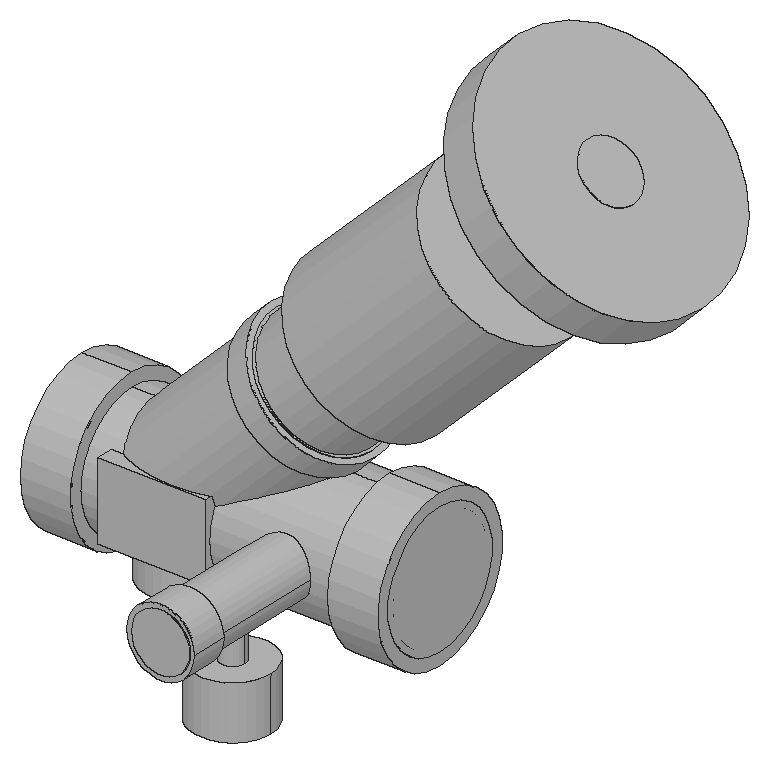
Revit family "Kemper - 0781G02500", category Rohrzubehör, Revit 2019
Family settings
  Bemaßung runder Anschluss = Durchmesser verwenden
  Teiletyp = Ventil - Zerlegung in
  OmniClass-Nummer = 23.65.55.14
  OmniClass-Titel = Valves for Liquid Services
  Arbeitsebenenbasiert = Nein
  Immer vertikal = Ja
  Beim Laden mit Abzugskörper schneiden = Nein
  Gemeinsam genutzt = Nein
Parameters (values of type "DN 25")
  valvetype = "Drosselarmatur"  # constant formula
  typedescription = "balancing valves, 078 1G, SST throttle valve, with drain valve, union thread"  # constant formula
  type of connection = "male thread"  # constant formula
  type = "Drosselarmatur"  # constant formula
  sound insulation class = "1"  # constant formula
  productgroup = "balancing valves"  # constant formula
  productclassification = ""  # constant formula
  perm. operating pressure Bar = 16  # constant formula
  perm. operating Temperature °C = 110  # constant formula
  max. differential pressure = 1000  # constant formula
  kVs-Value = 0
  design = "pass"  # constant formula
  collision width = 93.2 mm  # constant formula
  collision volume = "168.000071607125 x 93.2000000000002 x 169.100071607125"  # constant formula
  collision length = 168 mm  # constant formula
  collision height = 169.1 mm  # constant formula
  _created with version = "0.0.0.0"  # constant formula
  _created by (URL) = "www.dendrit.de"
  _created by = "Dendrit Generation"  # constant formula
  WarrantyStartDate [instance] = ""  # constant formula
  WarrantyGuantorParts = ""  # constant formula
  WarrantyGuantorLabour = ""  # constant formula
  WarrantyDurationUnit = "Years"  # constant formula
  WarrantyDurationParts = ""  # constant formula
  WarrantyDurationLabour = ""  # constant formula
  WarrantyDescription = ""  # constant formula
  URL = ""
  Tmin, Control °C = 0  # constant formula
  Tmax, Control °C = 0  # constant formula
  Surface = ""  # constant formula
  Stlb-Number = ""  # constant formula
  SpareParts = ""  # constant formula
  Size DN = 25  # constant formula
  Size = ""  # constant formula
  Shape = "Valve"  # constant formula
  SerialNumber [instance] = ""  # constant formula
  ReplacementCost = ""  # constant formula
  ReferencedStandard = ""  # constant formula
  ProductionYear = ""  # constant formula
  Modelnumber = "0781G02500"  # constant formula
  Model = "078 1G, SST throttle valve, with drain valve, union thread"  # constant formula
  Material = "stainless steel"  # constant formula
  Manufacturer = "Kemper"  # constant formula
  InstallationDate [instance] = ""  # constant formula
  Grade = ""  # constant formula
  Generation ID = "Kemper - 0781G02500"  # constant formula
  GTIN-Number = ""  # constant formula
  Flow = 0  # constant formula
  Finish = ""  # constant formula
  Features = ""  # constant formula
  ExpectedLife = ""  # constant formula
  DurationUnit = "Years"  # constant formula
  DocumentationTechnical = ""  # constant formula
  DocumentationLiterature = ""  # constant formula
  DocumentationInstallationGuide = ""  # constant formula
  DocumentationCertificates = ""  # constant formula
  Datanorm = "0781G02500"  # constant formula
  CreatedOn = "www.dendrit.de"
  CreatedBy = "Dendrit Generation"  # constant formula
  Cost = ""  # constant formula
  Consistuents = ""  # constant formula
  Color = ""  # constant formula
  CodePerformance = ""  # constant formula
  BarCode [instance] = ""  # constant formula
  AssetType = "Fixed"  # constant formula
  AssetIdentifier [instance] = ""  # constant formula
  AccessibilityPerformance = ""  # constant formula
Reference planes
  plane 1 "Mitte (Vorne/Hinten)": y = 0
  plane 2: z = 0
  plane 3 "Mitte (Links/Rechts)": x = 0
Forms (mm)
  Extrusion 1, solid, material "Generation_172172172000"
    sketch origin (-48.5, 0, 0) x (0, 0, -1) y (0, 1, 0)
      loop
        circle (0, 0) r 17.602
    from 0 to 97
  Extrusion 2, solid, material "Generation_172172172000"
    sketch origin (48.5, 0, 0) x (0, 0, -1) y (0, -1, 0)
      loop
        circle (0, 0) r 20.955
    from 0 to 13.58
  Extrusion 3, solid, material "Generation_172172172000"
    sketch origin (-48.5, 0, 0) x (0, 0, -1) y (0, 1, 0)
      loop
        circle (0, 0) r 20.955
    from 0 to 13.58
  Extrusion 4, solid, material "Generation_172172172000"
    sketch origin (-19.4, 0, 0) x (0, -1, 0) y (-1, 0, 0)
      loop
        circle (0, 0) r 12.125
    from 0 to 23
  Extrusion 5, solid, material "Generation_172172172000"
    sketch origin (-20.5, 0, 0) x (0.707107, 0, -0.707107) y (0, 1, 0)
      loop
        circle (0, 0) r 18.231
    from 0 to 53.2
  Extrusion 6, solid, material "Generation_172172172000"
    sketch origin (17.118, 0, 37.618) x (0.707107, 0, -0.707107) y (0, -1, 0)
      loop
        circle (0, 0) r 19.907
    from 0 to 7
  Extrusion 7, solid, material "Generation_172172172000"
    sketch origin (17.118, 0, 37.618) x (0.707107, 0, -0.707107) y (0, 1, 0)
      loop
        circle (0, 0) r 17.602
    from 0 to 19.6
  Extrusion 8, solid, material "Generation_172172172000"
    sketch origin (30.977, 0, 51.477) x (0.707107, 0, -0.707107) y (0, 1, 0)
      loop
        circle (0, 0) r 23.679
    from 0 to 51.8
  Extrusion 9, solid, material "Generation_172172172000"
    sketch origin (67.606, 0, 88.106) x (0.707107, 0, -0.707107) y (0, 1, 0)
      loop
        circle (0, 0) r 8.382
    from 0 to 38.39
  Extrusion 10, solid, material "Generation_172172172000"
    sketch origin (94.751, 0, 115.251) x (0.707107, 0, -0.707107) y (0, -1, 0)
      loop
        circle (0, 0) r 35
    from 0 to 11.2
  Extrusion 11, solid, material "Generation_172172172000"
    sketch origin (-29.1, -18.86, 10.478) x (1, 0, 0) y (0, 0, -1)
      loop
        line (0, 0) -> (29.1, 0) -> (29.1, 20.955) -> (0, 20.955) -> (0, 0)
    from 0 to 37.719
  Extrusion 12, solid, material "Generation_172172172000"
    sketch origin (19.4, 0, 0) x (1, 0, 0) y (0, 0, 1)
      loop
        circle (0, 0) r 7.894
    from 0 to 58.2
  Extrusion 13, solid, material "Generation_172172172000"
    sketch origin (19.4, -58.2, 0) x (1, 0, 0) y (0, 0, -1)
      loop
        circle (0, 0) r 9.21
    from 0 to 9.7
  Extrusion 14, solid, material "Generation_172172172000"
    sketch origin (19.4, -33.95, 0) x (0, -1, 0) y (-1, 0, 0)
      loop
        circle (0, 0) r 3.289
    from 0 to 29.1
  Extrusion 15, solid, material "Generation_172172172000"
    sketch origin (19.4, -33.95, -29.1) x (1, 0, 0) y (0, 1, 0)
      loop
        circle (0, 0) r 10.526
    from 0 to 14.55
  Extrusion 16, solid, material "Generation_Connector"
    sketch origin (-45.452, 0, 0) x (0, 0, -1) y (0, -1, 0)
      loop
        circle (0, 0) r 16
    from 0 to 3.048
  Extrusion 17, solid, material "Generation_Connector"
    sketch origin (45.452, 0, 0) x (0, 0, -1) y (0, 1, 0)
      loop
        circle (0, 0) r 16
    from 0 to 3.048
Dimensions and locks
  aligned and locked: level to plane 2
Connectors
  piping at (-48.5, 0, 0), diameter 32
    settings: on Extrusion 16, index 1, connector inside diameter 609.6 mm, connector length 0 mm, flow factor 0, pipe flow 0.0 L/s, pressure drop 0.0 Pa, fitting loss kfactor 0, connector angle 0.00°, fixture units 0, engagement length 0 mm, angle of deflection 0.00°, flow configuration 0, flow direction 0, fitting loss method 0, system type 29, joint type 0, gender type 0, connector reference index -1, connector utility 0, adjustable connector no, is connector primary yes, connector description ""
  piping at (48.5, 0, 0), diameter 32
    settings: on Extrusion 17, index 2, connector inside diameter 609.6 mm, connector length 0 mm, flow factor 0, pipe flow 0.0 L/s, pressure drop 0.0 Pa, fitting loss kfactor 0, connector angle 0.00°, fixture units 0, engagement length 0 mm, angle of deflection 0.00°, flow configuration 0, flow direction 0, fitting loss method 0, system type 29, joint type 0, gender type 0, connector reference index -1, connector utility 0, adjustable connector no, is connector primary no, connector description ""
